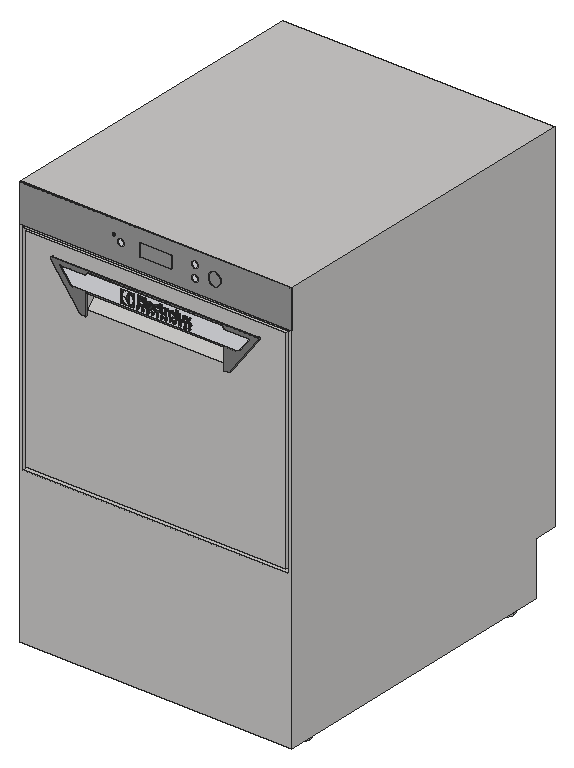
Revit family "QF_ELECTROLUXPROFESSIONAL_402189_ETGWSG1U", category Attrezzature speciali, Revit 2021 (continued)
Automatic sketch dimensions
  Extrusion 10 sketch curve to Extrusion 10 sketch curve = 0.427 mm  (x2)
  Extrusion 10 sketch curve to Extrusion 10 sketch curve = 2.809 mm
  Extrusion 10 sketch curve to plane 8 = 119.648 mm  (x2)
  Extrusion 10 sketch curve to Extrusion 10 sketch curve = 0.99 mm  (x4)
  Extrusion 10 sketch curve to plane 8 = 120.138 mm  (x2)
  Extrusion 10 sketch curve to Extrusion 10 sketch curve = 0.782 mm  (x3)
  Extrusion 10 sketch curve to Extrusion 10 sketch curve = 0.126 mm  (x2)
  Extrusion 10 sketch curve to Extrusion 10 sketch curve = 1.389 mm  (x2)
  Extrusion 10 sketch curve to plane 8 = 111.695 mm
  Extrusion 10 sketch curve to Extrusion 10 sketch curve = 2.039 mm
  Extrusion 10 sketch curve to Extrusion 10 sketch curve = 2.048 mm
  Extrusion 10 sketch curve to Extrusion 10 sketch curve = 2.085 mm
  Extrusion 10 sketch curve to Extrusion 10 sketch curve = 0.724 mm
  Extrusion 10 sketch curve to plane 8 = 113.977 mm
  Extrusion 10 sketch curve to Extrusion 10 sketch curve = 1.046 mm
  Extrusion 10 sketch curve to Extrusion 10 sketch curve = 2.251 mm
  Extrusion 10 sketch curve to Extrusion 10 sketch curve = 0.003 mm
  Extrusion 10 sketch curve to plane 8 = 109.679 mm
  Extrusion 10 sketch curve to Extrusion 10 sketch curve = 2.475 mm
  Extrusion 10 sketch curve to plane 8 = 105.048 mm
  Extrusion 10 sketch curve to Extrusion 10 sketch curve = 4.018 mm
  Extrusion 10 sketch curve to plane 8 = 112.517 mm
  Extrusion 10 sketch curve to Extrusion 10 sketch curve = 1.543 mm
  Extrusion 10 sketch curve to plane 8 = 110.92 mm
  Extrusion 10 sketch curve to Extrusion 10 sketch curve = 1.535 mm  (x2)
  Extrusion 10 sketch curve to plane 8 = 106.646 mm
  Extrusion 10 sketch curve to Extrusion 10 sketch curve = 3.932 mm
  Extrusion 10 sketch curve to Extrusion 10 sketch curve = 0.048 mm
  Extrusion 10 sketch curve to Extrusion 10 sketch curve = 0.138 mm
  Extrusion 10 sketch curve to Extrusion 10 sketch curve = 1.402 mm
  Extrusion 10 sketch curve to Extrusion 10 sketch curve = 0.206 mm  (x2)
  Extrusion 10 sketch curve to Extrusion 10 sketch curve = 2.128 mm
  Extrusion 10 sketch curve to plane 8 = 105.505 mm
  Extrusion 10 sketch curve to Extrusion 10 sketch curve = 2.656 mm  (x2)
  Extrusion 10 sketch curve to plane 8 = 103.243 mm
  Extrusion 10 sketch curve to plane 8 = 112.061 mm
  Extrusion 10 sketch curve to plane 8 = 114.323 mm
  Extrusion 10 sketch curve to plane 8 = 108.783 mm  (x2)
  Extrusion 10 sketch curve to Extrusion 10 sketch curve = 3.216 mm
  Extrusion 10 sketch curve to Extrusion 10 sketch curve = 4.222 mm
  Extrusion 10 sketch curve to Extrusion 10 sketch curve = 0.18 mm
  Extrusion 10 sketch curve to Extrusion 10 sketch curve = 2.469 mm
  Extrusion 10 sketch curve to plane 8 = 108.555 mm
  Extrusion 10 sketch curve to Extrusion 10 sketch curve = 1.28 mm
  Extrusion 10 sketch curve to Extrusion 10 sketch curve = 0.041 mm  (x2)
  Extrusion 10 sketch curve to Extrusion 10 sketch curve = 1.873 mm
  Extrusion 10 sketch curve to plane 8 = 112.414 mm
  Extrusion 10 sketch curve to Extrusion 10 sketch curve = 0.664 mm
  Extrusion 10 sketch curve to plane 8 = 110.961 mm
  Extrusion 10 sketch curve to plane 8 = 107.683 mm
  Extrusion 10 sketch curve to Extrusion 10 sketch curve = 2.531 mm
  Extrusion 10 sketch curve to plane 8 = 112.165 mm
  Extrusion 10 sketch curve to Extrusion 10 sketch curve = 2.822 mm
  Extrusion 10 sketch curve to plane 8 = 114.281 mm
  Extrusion 10 sketch curve to Extrusion 10 sketch curve = 0.083 mm
  Extrusion 10 sketch curve to plane 8 = 103.285 mm
  Extrusion 10 sketch curve to Extrusion 10 sketch curve = 2.635 mm
  Extrusion 10 sketch curve to plane 8 = 105.401 mm
  Extrusion 10 sketch curve to Extrusion 10 sketch curve = 2.946 mm  (x2)
  Extrusion 10 sketch curve to Extrusion 10 sketch curve = 0.062 mm
  Extrusion 10 sketch curve to plane 8 = 108.846 mm
  Extrusion 10 sketch curve to Extrusion 10 sketch curve = 2.511 mm
  Extrusion 10 sketch curve to Extrusion 10 sketch curve = 7.106 mm
  Extrusion 10 sketch curve to Extrusion 10 sketch curve = 6.354 mm
  Extrusion 10 sketch curve to Extrusion 10 sketch curve = 2.478 mm
  Extrusion 10 sketch curve to Extrusion 10 sketch curve = 1.161 mm
  Extrusion 10 sketch curve to plane 8 = 119.3 mm
  Extrusion 10 sketch curve to Extrusion 10 sketch curve = 0.033 mm
  Extrusion 10 sketch curve to Extrusion 10 sketch curve = 0.694 mm
  Extrusion 10 sketch curve to Extrusion 10 sketch curve = 0.106 mm  (x2)
  Extrusion 10 sketch curve to Extrusion 10 sketch curve = 0.021 mm  (x2)
  Extrusion 10 sketch curve to Extrusion 10 sketch curve = 0.09 mm
  Extrusion 10 sketch curve to Extrusion 10 sketch curve = 1.76 mm
  Extrusion 10 sketch curve to plane 8 = 119.634 mm
  Extrusion 10 sketch curve to Extrusion 10 sketch curve = 0.948 mm
  Extrusion 10 sketch curve to Extrusion 10 sketch curve = 1.933 mm
  Extrusion 10 sketch curve to Extrusion 10 sketch curve = 2.318 mm
  Extrusion 10 sketch curve to Extrusion 10 sketch curve = 0.781 mm
  Extrusion 10 sketch curve to Extrusion 10 sketch curve = 0.839 mm
  Extrusion 10 sketch curve to Extrusion 10 sketch curve = 4.563 mm
  Extrusion 10 sketch curve to plane 8 = 114.021 mm
  Extrusion 10 sketch curve to plane 8 = 113.951 mm
  Extrusion 10 sketch curve to Extrusion 10 sketch curve = 0.973 mm
  Extrusion 10 sketch curve to Extrusion 10 sketch curve = 2.047 mm
  Extrusion 10 sketch curve to Extrusion 10 sketch curve = 0.001 mm
  Extrusion 10 sketch curve to Extrusion 10 sketch curve = 2.138 mm
  Extrusion 10 sketch curve to Extrusion 10 sketch curve = 0.853 mm
  Extrusion 10 sketch curve to Extrusion 10 sketch curve = 0.895 mm
  Extrusion 10 sketch curve to Extrusion 10 sketch curve = 2.477 mm
  Extrusion 10 sketch curve to Extrusion 10 sketch curve = 5.807 mm
  Extrusion 10 sketch curve to Extrusion 10 sketch curve = 7.939 mm
  Extrusion 10 sketch curve to Extrusion 10 sketch curve = 1.78 mm
  Extrusion 10 sketch curve to Extrusion 10 sketch curve = 0.215 mm
  Extrusion 10 sketch curve to Extrusion 10 sketch curve = 0.042 mm
  Extrusion 10 sketch curve to Extrusion 10 sketch curve = 6.738 mm
  Extrusion 10 sketch curve to Extrusion 10 sketch curve = 9.216 mm  (x2)
  Extrusion 10 sketch curve to Extrusion 10 sketch curve = 3.22 mm
  Extrusion 10 sketch curve to Extrusion 10 sketch curve = 3.518 mm
  Extrusion 10 sketch curve to Extrusion 10 sketch curve = 54.794 mm
  Extrusion 10 sketch curve to Extrusion 10 sketch curve = 7.314 mm
  Extrusion 10 sketch curve to Extrusion 10 sketch curve = 3.648 mm  (x2)
  Extrusion 10 sketch curve to Extrusion 10 sketch curve = 4.122 mm
  Extrusion 10 sketch curve to Extrusion 10 sketch curve = 3.598 mm  (x2)
  Extrusion 10 sketch curve to Extrusion 10 sketch curve = 1.632 mm
  Extrusion 10 sketch curve to Extrusion 10 sketch curve = 4.176 mm
  Extrusion 10 sketch curve to Extrusion 10 sketch curve = 1.127 mm
  Extrusion 10 sketch curve to Extrusion 10 sketch curve = 0.787 mm
  Extrusion 10 sketch curve to Extrusion 10 sketch curve = 0.856 mm
  Extrusion 10 sketch curve to Extrusion 10 sketch curve = 0.934 mm
  Extrusion 10 sketch curve to Extrusion 10 sketch curve = 0.941 mm  (x3)
  Extrusion 10 sketch curve to Extrusion 10 sketch curve = 1.073 mm
  Extrusion 10 sketch curve to Extrusion 10 sketch curve = 0.537 mm  (x2)
  Extrusion 10 sketch curve to Extrusion 10 sketch curve = 0.25 mm
  Extrusion 10 sketch curve to Extrusion 10 sketch curve = 0.311 mm  (x2)
  Extrusion 10 sketch curve to Extrusion 10 sketch curve = 0.031 mm
  Extrusion 10 sketch curve to Extrusion 10 sketch curve = 1.686 mm
  Extrusion 10 sketch curve to Extrusion 10 sketch curve = 0.082 mm
  Extrusion 10 sketch curve to Extrusion 10 sketch curve = 1.753 mm
  Extrusion 10 sketch curve to Extrusion 10 sketch curve = 0.014 mm  (x2)
  Extrusion 10 sketch curve to Extrusion 10 sketch curve = 0.109 mm  (x2)
  Extrusion 10 sketch curve to Extrusion 10 sketch curve = 0.018 mm  (x2)
  Extrusion 10 sketch curve to Extrusion 10 sketch curve = 2.046 mm
  Extrusion 10 sketch curve to Extrusion 10 sketch curve = 1.021 mm
  Extrusion 10 sketch curve to Extrusion 10 sketch curve = 0.827 mm
  Extrusion 10 sketch curve to Extrusion 10 sketch curve = 4.496 mm
  Extrusion 10 sketch curve to Extrusion 10 sketch curve = 4.443 mm
  Extrusion 10 sketch curve to Extrusion 10 sketch curve = 1.66 mm
  Extrusion 10 sketch curve to Extrusion 10 sketch curve = 0.631 mm  (x2)
  Extrusion 10 sketch curve to Extrusion 10 sketch curve = 1.016 mm
  Extrusion 10 sketch curve to Extrusion 10 sketch curve = 0.313 mm  (x2)
  Extrusion 10 sketch curve to Extrusion 10 sketch curve = 0.94 mm  (x3)
  Extrusion 10 sketch curve to Extrusion 10 sketch curve = 0.163 mm  (x2)
  Extrusion 10 sketch curve to Extrusion 10 sketch curve = 1.847 mm
  Extrusion 10 sketch curve to Extrusion 10 sketch curve = 0.192 mm  (x2)
  Extrusion 10 sketch curve to Extrusion 10 sketch curve = 0.704 mm
  Extrusion 10 sketch curve to Extrusion 10 sketch curve = 0.686 mm
  Extrusion 10 sketch curve to Extrusion 10 sketch curve = 0.002 mm
  Extrusion 10 sketch curve to Extrusion 10 sketch curve = 0.077 mm  (x2)
  Extrusion 10 sketch curve to Extrusion 10 sketch curve = 0.865 mm
  Extrusion 10 sketch curve to Extrusion 10 sketch curve = 1.05 mm
  Extrusion 10 sketch curve to Extrusion 10 sketch curve = 0.337 mm  (x2)
  Extrusion 10 sketch curve to Extrusion 10 sketch curve = 1.955 mm
  Extrusion 10 sketch curve to Extrusion 10 sketch curve = 2.265 mm  (x2)
  Extrusion 10 sketch curve to Extrusion 10 sketch curve = 0.004 mm  (x2)
  Extrusion 10 sketch curve to Extrusion 10 sketch curve = 2.182 mm
  Extrusion 10 sketch curve to Extrusion 10 sketch curve = 2.329 mm
  Extrusion 10 sketch curve to Extrusion 10 sketch curve = 0.132 mm
  Extrusion 10 sketch curve to Extrusion 10 sketch curve = 0.034 mm
  Extrusion 10 sketch curve to Extrusion 10 sketch curve = 4.131 mm
  Extrusion 10 sketch curve to Extrusion 10 sketch curve = 1.129 mm
  Extrusion 10 sketch curve to Extrusion 10 sketch curve = 0.166 mm
  Extrusion 10 sketch curve to Extrusion 10 sketch curve = 0.141 mm
  Extrusion 10 sketch curve to Extrusion 10 sketch curve = 2.155 mm
  Extrusion 10 sketch curve to Extrusion 10 sketch curve = 0.871 mm
  Extrusion 10 sketch curve to Extrusion 10 sketch curve = 2.788 mm
  Extrusion 10 sketch curve to Extrusion 10 sketch curve = 1.833 mm
  Extrusion 10 sketch curve to Extrusion 10 sketch curve = 1.273 mm
  Extrusion 10 sketch curve to Extrusion 10 sketch curve = 2.637 mm
  Extrusion 10 sketch curve to Extrusion 10 sketch curve = 0.103 mm
  Extrusion 10 sketch curve to Extrusion 10 sketch curve = 3.672 mm
  Extrusion 10 sketch curve to Extrusion 10 sketch curve = 2.338 mm
  Extrusion 10 sketch curve to Extrusion 10 sketch curve = 0.6 mm
  Extrusion 10 sketch curve to Extrusion 10 sketch curve = 1.548 mm
  Extrusion 10 sketch curve to Extrusion 10 sketch curve = 2.252 mm
  Extrusion 10 sketch curve to Extrusion 10 sketch curve = 2.396 mm
  Extrusion 10 sketch curve to Extrusion 10 sketch curve = 1.409 mm
  Extrusion 10 sketch curve to Extrusion 10 sketch curve = 3.403 mm
  Extrusion 10 sketch curve to Extrusion 10 sketch curve = 2.331 mm
  Extrusion 10 sketch curve to Extrusion 10 sketch curve = 3.986 mm
  Extrusion 10 sketch curve to Extrusion 10 sketch curve = 3.987 mm
  Extrusion 10 sketch curve to Extrusion 10 sketch curve = 1.246 mm  (x2)
  Extrusion 10 sketch curve to Extrusion 10 sketch curve = 1.098 mm  (x2)
  Extrusion 10 sketch curve to Extrusion 10 sketch curve = 0.822 mm  (x2)
  Extrusion 10 sketch curve to Extrusion 10 sketch curve = 0.263 mm  (x2)
  Extrusion 10 sketch curve to Extrusion 10 sketch curve = 0.49 mm  (x2)
  Extrusion 10 sketch curve to Extrusion 10 sketch curve = 0.278 mm  (x2)
  Extrusion 10 sketch curve to Extrusion 10 sketch curve = 0.257 mm  (x2)
  Extrusion 10 sketch curve to Extrusion 10 sketch curve = 0.125 mm  (x2)
  Extrusion 12 sketch curve to Extrusion 12 sketch curve = 0 mm  (x29)
  Extrusion 12 sketch curve to plane 8 = 114.024 mm  (x3)
  plane 4 "LEFT" to Extrusion 12 sketch curve = 288.569 mm
  Extrusion 12 sketch curve to plane 8 = 103.615 mm  (x2)
  Extrusion 12 sketch curve to Extrusion 12 sketch curve = 0.351 mm
  Extrusion 12 sketch curve to Extrusion 12 sketch curve = 0.877 mm
  Extrusion 12 sketch curve to plane 8 = 105.873 mm
  Extrusion 12 sketch curve to Extrusion 12 sketch curve = 1.658 mm
  Extrusion 12 sketch curve to plane 8 = 110.695 mm
  Extrusion 12 sketch curve to Extrusion 12 sketch curve = 2.381 mm
  Extrusion 12 sketch curve to Extrusion 12 sketch curve = 2.664 mm
  Extrusion 12 sketch curve to Extrusion 12 sketch curve = 1.914 mm
  Extrusion 12 sketch curve to Extrusion 12 sketch curve = 1.048 mm
  Extrusion 12 sketch curve to Extrusion 12 sketch curve = 1.023 mm  (x6)
  Extrusion 12 sketch curve to plane 8 = 108.51 mm
  Extrusion 12 sketch curve to Extrusion 12 sketch curve = 1.563 mm
  Extrusion 12 sketch curve to plane 8 = 110.348 mm
  Extrusion 12 sketch curve to Extrusion 12 sketch curve = 1.364 mm  (x2)
  Extrusion 12 sketch curve to plane 8 = 106.733 mm
  Extrusion 12 sketch curve to plane 8 = 108.53 mm
  Extrusion 12 sketch curve to Extrusion 12 sketch curve = 1.363 mm
  Extrusion 12 sketch curve to Extrusion 12 sketch curve = 2.272 mm
  Extrusion 12 sketch curve to plane 8 = 121.266 mm  (x3)
  Extrusion 12 sketch curve to Extrusion 12 sketch curve = 4.059 mm
  Extrusion 12 sketch curve to Extrusion 12 sketch curve = 2.643 mm
  Extrusion 12 sketch curve to plane 8 = 105.721 mm
  Extrusion 12 sketch curve to Extrusion 12 sketch curve = 1.145 mm
  Extrusion 12 sketch curve to plane 8 = 111.528 mm
  Extrusion 12 sketch curve to Extrusion 12 sketch curve = 0.872 mm
  Extrusion 12 sketch curve to Extrusion 12 sketch curve = 1.1 mm
  Extrusion 12 sketch curve to Extrusion 12 sketch curve = 0.485 mm  (x2)
  Extrusion 12 sketch curve to Extrusion 12 sketch curve = 0.459 mm  (x4)
  Extrusion 12 sketch curve to Extrusion 12 sketch curve = 1.54 mm
  Extrusion 12 sketch curve to plane 8 = 116.289 mm
  Extrusion 12 sketch curve to Extrusion 12 sketch curve = 0.461 mm  (x2)
  Extrusion 12 sketch curve to plane 8 = 118.15 mm
  Extrusion 12 sketch curve to Extrusion 12 sketch curve = 0.238 mm
  Extrusion 12 sketch curve to plane 8 = 119.171 mm
  Extrusion 12 sketch curve to Extrusion 12 sketch curve = 0.922 mm
  Extrusion 12 sketch curve to plane 8 = 109.831 mm
  Extrusion 12 sketch curve to Extrusion 12 sketch curve = 2.935 mm
  Extrusion 12 sketch curve to Extrusion 12 sketch curve = 1.099 mm
  Extrusion 12 sketch curve to Extrusion 12 sketch curve = 2.498 mm
  Extrusion 12 sketch curve to plane 8 = 112.021 mm
  Extrusion 12 sketch curve to Extrusion 12 sketch curve = 2.273 mm
  Extrusion 12 sketch curve to plane 8 = 114.293 mm
  Extrusion 12 sketch curve to Extrusion 12 sketch curve = 0.02 mm
  Extrusion 12 sketch curve to Extrusion 12 sketch curve = 0.393 mm  (x3)
  Extrusion 12 sketch curve to Extrusion 12 sketch curve = 0.995 mm
  Extrusion 12 sketch curve to plane 8 = 119.513 mm
  Extrusion 12 sketch curve to Extrusion 12 sketch curve = 0.039 mm  (x2)
  Extrusion 12 sketch curve to Extrusion 12 sketch curve = 4.544 mm
  Extrusion 12 sketch curve to plane 8 = 118.137 mm
  Extrusion 12 sketch curve to Extrusion 12 sketch curve = 2.238 mm
  Extrusion 12 sketch curve to Extrusion 12 sketch curve = 1.034 mm
  Extrusion 12 sketch curve to Extrusion 12 sketch curve = 2.499 mm
  Extrusion 12 sketch curve to Extrusion 12 sketch curve = 1.948 mm
  Extrusion 12 sketch curve to Extrusion 12 sketch curve = 2.48 mm
  Extrusion 12 sketch curve to plane 8 = 108.819 mm  (x4)
  Extrusion 12 sketch curve to Extrusion 12 sketch curve = 1.524 mm
  Extrusion 12 sketch curve to Extrusion 12 sketch curve = 2.438 mm
  Extrusion 12 sketch curve to Extrusion 12 sketch curve = 2.458 mm  (x2)
  Extrusion 12 sketch curve to plane 8 = 105.556 mm
  Extrusion 12 sketch curve to Extrusion 12 sketch curve = 3.221 mm  (x2)
  Extrusion 12 sketch curve to plane 8 = 114.334 mm
  Extrusion 12 sketch curve to plane 8 = 112.083 mm
  Extrusion 12 sketch curve to plane 8 = 103.305 mm
  Extrusion 12 sketch curve to Extrusion 12 sketch curve = 2.133 mm
  Extrusion 12 sketch curve to Extrusion 12 sketch curve = 3.222 mm
  Extrusion 12 sketch curve to Extrusion 12 sketch curve = 2.459 mm
  Extrusion 12 sketch curve to Extrusion 12 sketch curve = 0.379 mm
  Extrusion 12 sketch curve to plane 8 = 105.762 mm
  Extrusion 12 sketch curve to Extrusion 12 sketch curve = 1.033 mm
  Extrusion 12 sketch curve to plane 8 = 117.09 mm  (x2)
  Extrusion 12 sketch curve to Extrusion 12 sketch curve = 4.456 mm
  Extrusion 12 sketch curve to plane 8 = 117.595 mm  (x2)
  Extrusion 12 sketch curve to Extrusion 12 sketch curve = 0.735 mm  (x2)
  Extrusion 12 sketch curve to Extrusion 12 sketch curve = 0.432 mm  (x2)
  Extrusion 12 sketch curve to Extrusion 12 sketch curve = 0.445 mm  (x2)
  Extrusion 12 sketch curve to Extrusion 12 sketch curve = 0.209 mm  (x2)
  Extrusion 12 sketch curve to Extrusion 12 sketch curve = 0.236 mm  (x2)
  Extrusion 12 sketch curve to Extrusion 12 sketch curve = 0.12 mm  (x2)
  Extrusion 12 sketch curve to Extrusion 12 sketch curve = 0.365 mm  (x2)
  Extrusion 12 sketch curve to Extrusion 12 sketch curve = 0.007 mm  (x2)
  Extrusion 12 sketch curve to Extrusion 12 sketch curve = 0.164 mm  (x4)
  Extrusion 12 sketch curve to Extrusion 12 sketch curve = 0.093 mm  (x2)
  Extrusion 12 sketch curve to Extrusion 12 sketch curve = 0.137 mm  (x2)
  Extrusion 12 sketch curve to Extrusion 12 sketch curve = 0.009 mm  (x5)
  Extrusion 12 sketch curve to Extrusion 12 sketch curve = 0.168 mm  (x2)
  Extrusion 12 sketch curve to Extrusion 12 sketch curve = 0.079 mm  (x2)
  Extrusion 12 sketch curve to Extrusion 12 sketch curve = 0.094 mm  (x2)
  Extrusion 12 sketch curve to Extrusion 12 sketch curve = 0.427 mm  (x2)
  Extrusion 12 sketch curve to Extrusion 12 sketch curve = 0.886 mm
  Extrusion 12 sketch curve to Extrusion 12 sketch curve = 2.809 mm
  Extrusion 12 sketch curve to plane 8 = 119.648 mm  (x2)
  Extrusion 12 sketch curve to Extrusion 12 sketch curve = 0.99 mm  (x4)
  Extrusion 12 sketch curve to plane 8 = 120.138 mm  (x2)
  Extrusion 12 sketch curve to Extrusion 12 sketch curve = 0.782 mm  (x3)
  Extrusion 12 sketch curve to Extrusion 12 sketch curve = 0.126 mm  (x2)
  Extrusion 12 sketch curve to Extrusion 12 sketch curve = 1.389 mm  (x2)
  Extrusion 12 sketch curve to plane 8 = 111.695 mm
  Extrusion 12 sketch curve to Extrusion 12 sketch curve = 2.039 mm
  Extrusion 12 sketch curve to Extrusion 12 sketch curve = 2.048 mm
  Extrusion 12 sketch curve to Extrusion 12 sketch curve = 2.085 mm
  Extrusion 12 sketch curve to Extrusion 12 sketch curve = 0.724 mm
  Extrusion 12 sketch curve to plane 8 = 113.977 mm
  Extrusion 12 sketch curve to Extrusion 12 sketch curve = 1.046 mm
  Extrusion 12 sketch curve to Extrusion 12 sketch curve = 2.251 mm
  Extrusion 12 sketch curve to Extrusion 12 sketch curve = 2.301 mm
  Extrusion 12 sketch curve to plane 8 = 109.679 mm
  Extrusion 12 sketch curve to Extrusion 12 sketch curve = 2.475 mm
  Extrusion 12 sketch curve to plane 8 = 105.048 mm
  Extrusion 12 sketch curve to Extrusion 12 sketch curve = 4.018 mm
  Extrusion 12 sketch curve to plane 8 = 112.517 mm
  Extrusion 12 sketch curve to Extrusion 12 sketch curve = 1.543 mm
  Extrusion 12 sketch curve to plane 8 = 110.92 mm
  Extrusion 12 sketch curve to Extrusion 12 sketch curve = 1.535 mm  (x2)
  Extrusion 12 sketch curve to plane 8 = 106.646 mm
  Extrusion 12 sketch curve to Extrusion 12 sketch curve = 3.932 mm
  Extrusion 12 sketch curve to Extrusion 12 sketch curve = 0.048 mm
  Extrusion 12 sketch curve to Extrusion 12 sketch curve = 0.187 mm
  Extrusion 12 sketch curve to Extrusion 12 sketch curve = 1.402 mm
  Extrusion 12 sketch curve to Extrusion 12 sketch curve = 0.206 mm  (x2)
  Extrusion 12 sketch curve to Extrusion 12 sketch curve = 0.569 mm
  Extrusion 12 sketch curve to plane 8 = 105.505 mm
  Extrusion 12 sketch curve to Extrusion 12 sketch curve = 2.656 mm  (x2)
  Extrusion 12 sketch curve to plane 8 = 103.243 mm
  Extrusion 12 sketch curve to plane 8 = 112.061 mm
  Extrusion 12 sketch curve to plane 8 = 114.323 mm
  Extrusion 12 sketch curve to plane 8 = 108.783 mm  (x2)
  Extrusion 12 sketch curve to Extrusion 12 sketch curve = 3.216 mm
  Extrusion 12 sketch curve to Extrusion 12 sketch curve = 4.222 mm
  Extrusion 12 sketch curve to Extrusion 12 sketch curve = 0.18 mm
  Extrusion 12 sketch curve to Extrusion 12 sketch curve = 2.469 mm
  Extrusion 12 sketch curve to plane 8 = 108.555 mm
  Extrusion 12 sketch curve to Extrusion 12 sketch curve = 1.28 mm
  Extrusion 12 sketch curve to plane 8 = 109.426 mm
  Extrusion 12 sketch curve to Extrusion 12 sketch curve = 0.041 mm  (x2)
  Extrusion 12 sketch curve to Extrusion 12 sketch curve = 1.873 mm
  Extrusion 12 sketch curve to plane 8 = 112.414 mm
  Extrusion 12 sketch curve to Extrusion 12 sketch curve = 0.664 mm
  Extrusion 12 sketch curve to plane 8 = 110.961 mm
  Extrusion 12 sketch curve to Extrusion 12 sketch curve = 1.494 mm
  Extrusion 12 sketch curve to plane 8 = 107.683 mm
  Extrusion 12 sketch curve to Extrusion 12 sketch curve = 2.531 mm
  Extrusion 12 sketch curve to plane 8 = 112.165 mm
  Extrusion 12 sketch curve to Extrusion 12 sketch curve = 2.822 mm
  Extrusion 12 sketch curve to plane 8 = 114.281 mm
  Extrusion 12 sketch curve to Extrusion 12 sketch curve = 0.083 mm
  Extrusion 12 sketch curve to plane 8 = 105.401 mm
  Extrusion 12 sketch curve to Extrusion 12 sketch curve = 2.635 mm
  Extrusion 12 sketch curve to plane 8 = 103.285 mm
  Extrusion 12 sketch curve to Extrusion 12 sketch curve = 2.946 mm  (x2)
  Extrusion 12 sketch curve to Extrusion 12 sketch curve = 0.062 mm
  Extrusion 12 sketch curve to plane 8 = 108.846 mm
  Extrusion 12 sketch curve to Extrusion 12 sketch curve = 2.511 mm
  Extrusion 12 sketch curve to Extrusion 12 sketch curve = 7.106 mm
  Extrusion 12 sketch curve to Extrusion 12 sketch curve = 6.354 mm
  Extrusion 12 sketch curve to Extrusion 12 sketch curve = 2.478 mm  (x2)
  Extrusion 12 sketch curve to Extrusion 12 sketch curve = 1.161 mm
  Extrusion 12 sketch curve to plane 8 = 119.3 mm
  Extrusion 12 sketch curve to Extrusion 12 sketch curve = 0.033 mm
  Extrusion 12 sketch curve to Extrusion 12 sketch curve = 0.694 mm
  Extrusion 12 sketch curve to Extrusion 12 sketch curve = 0.106 mm
  Extrusion 12 sketch curve to Extrusion 12 sketch curve = 0.021 mm  (x2)
  Extrusion 12 sketch curve to Extrusion 12 sketch curve = 0.09 mm
  Extrusion 12 sketch curve to Extrusion 12 sketch curve = 1.76 mm
  Extrusion 12 sketch curve to plane 8 = 119.634 mm
  Extrusion 12 sketch curve to Extrusion 12 sketch curve = 0.948 mm
  Extrusion 12 sketch curve to Extrusion 12 sketch curve = 1.933 mm
  Extrusion 12 sketch curve to Extrusion 12 sketch curve = 2.318 mm
  Extrusion 12 sketch curve to Extrusion 12 sketch curve = 0.908 mm
  Extrusion 12 sketch curve to plane 8 = 119.552 mm
  Extrusion 12 sketch curve to Extrusion 12 sketch curve = 0.781 mm
  Extrusion 12 sketch curve to Extrusion 12 sketch curve = 4.563 mm
  Extrusion 12 sketch curve to plane 8 = 113.951 mm
  Extrusion 12 sketch curve to Extrusion 12 sketch curve = 0.973 mm
  Extrusion 12 sketch curve to plane 8 = 109.537 mm
  Extrusion 12 sketch curve to Extrusion 12 sketch curve = 2.047 mm
  Extrusion 12 sketch curve to Extrusion 12 sketch curve = 0.001 mm
  Extrusion 12 sketch curve to Extrusion 12 sketch curve = 2.138 mm
  Extrusion 12 sketch curve to Extrusion 12 sketch curve = 0.895 mm
  Extrusion 12 sketch curve to Extrusion 12 sketch curve = 0.853 mm
  Extrusion 12 sketch curve to plane 8 = 109.431 mm
  Extrusion 12 sketch curve to Extrusion 12 sketch curve = 5.283 mm
  Extrusion 12 sketch curve to Extrusion 12 sketch curve = 7.939 mm
  Extrusion 12 sketch curve to Extrusion 12 sketch curve = 1.78 mm
  Extrusion 12 sketch curve to Extrusion 12 sketch curve = 0.215 mm
  Extrusion 12 sketch curve to Extrusion 12 sketch curve = 0.042 mm
  Extrusion 12 sketch curve to Extrusion 12 sketch curve = 6.738 mm
  Extrusion 12 sketch curve to Extrusion 12 sketch curve = 9.216 mm  (x2)
  Extrusion 12 sketch curve to Extrusion 12 sketch curve = 3.22 mm
  Extrusion 12 sketch curve to Extrusion 12 sketch curve = 3.518 mm
  Extrusion 12 sketch curve to Extrusion 12 sketch curve = 7.314 mm
  Extrusion 12 sketch curve to Extrusion 12 sketch curve = 1.714 mm
  Extrusion 12 sketch curve to Extrusion 12 sketch curve = 3.648 mm  (x2)
  Extrusion 12 sketch curve to Extrusion 12 sketch curve = 3.598 mm  (x2)
  Extrusion 12 sketch curve to Extrusion 12 sketch curve = 4.176 mm
  Extrusion 12 sketch curve to Extrusion 12 sketch curve = 1.127 mm
  Extrusion 12 sketch curve to Extrusion 12 sketch curve = 3.129 mm
  Extrusion 12 sketch curve to Extrusion 12 sketch curve = 1.753 mm
  Extrusion 12 sketch curve to Extrusion 12 sketch curve = 0.787 mm
  Extrusion 12 sketch curve to Extrusion 12 sketch curve = 0.856 mm
  Extrusion 12 sketch curve to Extrusion 12 sketch curve = 0.934 mm
  Extrusion 12 sketch curve to Extrusion 12 sketch curve = 0.941 mm  (x3)
  Extrusion 12 sketch curve to Extrusion 12 sketch curve = 1.021 mm
  Extrusion 12 sketch curve to Extrusion 12 sketch curve = 0.537 mm  (x2)
  Extrusion 12 sketch curve to Extrusion 12 sketch curve = 0.25 mm
  Extrusion 12 sketch curve to Extrusion 12 sketch curve = 0.311 mm  (x2)
  Extrusion 12 sketch curve to Extrusion 12 sketch curve = 0.031 mm
  Extrusion 12 sketch curve to Extrusion 12 sketch curve = 1.686 mm
  Extrusion 12 sketch curve to Extrusion 12 sketch curve = 0.014 mm  (x2)
  Extrusion 12 sketch curve to Extrusion 12 sketch curve = 0.109 mm  (x2)
  Extrusion 12 sketch curve to Extrusion 12 sketch curve = 0.018 mm  (x2)
  Extrusion 12 sketch curve to Extrusion 12 sketch curve = 2.046 mm
  Extrusion 12 sketch curve to Extrusion 12 sketch curve = 0.827 mm
  Extrusion 12 sketch curve to Extrusion 12 sketch curve = 4.496 mm
  Extrusion 12 sketch curve to Extrusion 12 sketch curve = 4.443 mm
  Extrusion 12 sketch curve to Extrusion 12 sketch curve = 1.66 mm
  Extrusion 12 sketch curve to Extrusion 12 sketch curve = 0.631 mm  (x2)
  Extrusion 12 sketch curve to Extrusion 12 sketch curve = 1.016 mm
  Extrusion 12 sketch curve to Extrusion 12 sketch curve = 0.313 mm  (x2)
  Extrusion 12 sketch curve to Extrusion 12 sketch curve = 0.94 mm  (x3)
  Extrusion 12 sketch curve to Extrusion 12 sketch curve = 0.163 mm  (x2)
  Extrusion 12 sketch curve to Extrusion 12 sketch curve = 0.192 mm  (x2)
  Extrusion 12 sketch curve to Extrusion 12 sketch curve = 0.704 mm
  Extrusion 12 sketch curve to Extrusion 12 sketch curve = 0.686 mm
  Extrusion 12 sketch curve to Extrusion 12 sketch curve = 0.002 mm
  Extrusion 12 sketch curve to Extrusion 12 sketch curve = 0.077 mm  (x2)
  Extrusion 12 sketch curve to Extrusion 12 sketch curve = 0.865 mm
  Extrusion 12 sketch curve to Extrusion 12 sketch curve = 1.05 mm
  Extrusion 12 sketch curve to Extrusion 12 sketch curve = 0.337 mm  (x2)
  Extrusion 12 sketch curve to Extrusion 12 sketch curve = 2.265 mm  (x2)
  Extrusion 12 sketch curve to Extrusion 12 sketch curve = 1.996 mm
  Extrusion 12 sketch curve to Extrusion 12 sketch curve = 1.955 mm
  Extrusion 12 sketch curve to Extrusion 12 sketch curve = 1.847 mm
  Extrusion 12 sketch curve to Extrusion 12 sketch curve = 3.869 mm
  Extrusion 12 sketch curve to Extrusion 12 sketch curve = 0.004 mm  (x2)
  Extrusion 12 sketch curve to Extrusion 12 sketch curve = 2.329 mm
  Extrusion 12 sketch curve to Extrusion 12 sketch curve = 0.132 mm
  Extrusion 12 sketch curve to Extrusion 12 sketch curve = 0.034 mm
  Extrusion 12 sketch curve to Extrusion 12 sketch curve = 4.131 mm
  Extrusion 12 sketch curve to Extrusion 12 sketch curve = 1.129 mm
  Extrusion 12 sketch curve to Extrusion 12 sketch curve = 0.166 mm
  Extrusion 12 sketch curve to Extrusion 12 sketch curve = 0.141 mm
  Extrusion 12 sketch curve to Extrusion 12 sketch curve = 2.788 mm
  Extrusion 12 sketch curve to Extrusion 12 sketch curve = 1.833 mm
  Extrusion 12 sketch curve to Extrusion 12 sketch curve = 1.273 mm
  Extrusion 12 sketch curve to Extrusion 12 sketch curve = 2.637 mm
  Extrusion 12 sketch curve to Extrusion 12 sketch curve = 0.103 mm
  Extrusion 12 sketch curve to Extrusion 12 sketch curve = 3.672 mm
  Extrusion 12 sketch curve to Extrusion 12 sketch curve = 2.338 mm
  Extrusion 12 sketch curve to Extrusion 12 sketch curve = 0.6 mm
  Extrusion 12 sketch curve to Extrusion 12 sketch curve = 1.548 mm
  Extrusion 12 sketch curve to Extrusion 12 sketch curve = 6.073 mm
  Extrusion 12 sketch curve to Extrusion 12 sketch curve = 2.252 mm
  Extrusion 12 sketch curve to Extrusion 12 sketch curve = 2.396 mm
  Extrusion 12 sketch curve to Extrusion 12 sketch curve = 1.409 mm
  Extrusion 12 sketch curve to Extrusion 12 sketch curve = 3.403 mm
  Extrusion 12 sketch curve to Extrusion 12 sketch curve = 0.89 mm
  Extrusion 12 sketch curve to Extrusion 12 sketch curve = 2.331 mm
  Extrusion 12 sketch curve to Extrusion 12 sketch curve = 3.986 mm
  Extrusion 12 sketch curve to Extrusion 12 sketch curve = 3.987 mm
  Extrusion 12 sketch curve to Extrusion 12 sketch curve = 1.246 mm  (x2)
  Extrusion 12 sketch curve to Extrusion 12 sketch curve = 1.098 mm  (x2)
  Extrusion 12 sketch curve to Extrusion 12 sketch curve = 0.822 mm  (x2)
  Extrusion 12 sketch curve to Extrusion 12 sketch curve = 0.263 mm  (x2)
  Extrusion 12 sketch curve to Extrusion 12 sketch curve = 0.49 mm  (x2)
  Extrusion 12 sketch curve to Extrusion 12 sketch curve = 0.278 mm  (x2)
  Extrusion 12 sketch curve to Extrusion 12 sketch curve = 0.257 mm  (x2)
  Extrusion 12 sketch curve to Extrusion 12 sketch curve = 0.125 mm  (x2)
  Extrusion 13 sketch curve to plane 8 = 0 mm
  Extrusion 13 sketch curve to plane 4 "LEFT" = 0 mm
  Extrusion 13 sketch curve to plane 5 "RIGHT" = 0 mm
  Extrusion 13 sketch curve to plane 8 = 64.303 mm
  Extrusion 14 sketch curve to plane 6 "FRONT" = 0 mm
  plane 11 "2" to Extrusion 14 sketch curve = 19.494 mm
  Extrusion 14 sketch curve to plane 8 = 132.753 mm
  Extrusion 14 sketch curve to Extrusion 14 sketch curve = 40 mm
  Extrusion 14 sketch curve to Extrusion 14 sketch curve = 20.494 mm
  Extrusion 1 sketch curve to plane 10 = 0 mm
  Extrusion 2 sketch curve to plane 10 = 0 mm
  plane 4 "LEFT" to Extrusion 3 sketch curve = 19.5 mm  (x2)
  Extrusion 3 sketch curve to plane 5 "RIGHT" = 19.5 mm  (x2)
  plane 11 "2" to Extrusion 3 sketch curve = 46 mm  (x2)
  Extrusion 3 sketch curve to plane 10 = 38 mm  (x2)
  Extrusion 4 sketch curve to Extrusion 1 = 5 mm  (x2)
  Extrusion 4 sketch curve to Extrusion 1 = 260 mm
  Extrusion 4 sketch curve to Extrusion 1 = 65.855 mm
  Extrusion 8 sketch curve to plane 6 "FRONT" = 0 mm
  plane 11 "2" to Extrusion 8 sketch curve = 26.448 mm
  plane 9 to Extrusion 8 sketch curve = 265 mm
  Extrusion 8 sketch curve to plane 8 = 70.9 mm
  Extrusion 11 sketch curve to plane 6 "FRONT" = 0 mm
  plane 11 "2" to Extrusion 11 sketch curve = 28.894 mm
  plane 9 to Extrusion 11 sketch curve = 265 mm
  Extrusion 11 sketch curve to Extrusion 11 sketch curve = 407.138 mm
  Extrusion 11 sketch curve to Extrusion 11 sketch curve = 91.839 mm
  curve 3 to plane 4 "LEFT" = 0 mm
  curve 9 to plane 6 "FRONT" = 0 mm
  curve 7 to plane 6 "FRONT" = 0 mm
  curve 1 to plane 5 "RIGHT" = 0 mm
  curve 2 to plane 7 "BACK" = 0 mm
  curve 2 to curve 9 = 5 mm
  plane 4 "LEFT" to curve 7 = 10 mm
  plane 11 "2" to curve 13 = 19.494 mm
  curve 7 to curve 13 = 102.5 mm
  curve 12 to plane 5 "RIGHT" = 112.5 mm
  curve 5 to plane 5 "RIGHT" = 10 mm
  curve 11 to plane 5 "RIGHT" = 5 mm
  plane 11 "2" to curve 11 = 29 mm
  radius of Extrusion 5 sketch curve = 10 mm
  radius of Extrusion 6 sketch curve = 8 mm
  radius of Extrusion 7 sketch curve = 8 mm
  radius of Extrusion 10 sketch curve = 2.585 mm  (x2)
  radius of Extrusion 10 sketch curve = 1.64 mm
  radius of Extrusion 10 sketch curve = 1.548 mm
  radius of Extrusion 12 sketch curve = 2.585 mm  (x2)
  radius of Extrusion 12 sketch curve = 1.64 mm
  radius of Extrusion 12 sketch curve = 1.548 mm
  radius of Extrusion 3 sketch curve = 12.5 mm  (x4)
Nested families
  nested 1: "GW_ControlPanel" at (-0.368, -274.5, 667.849), type "GW_ControlPanel"
Connectors
  piping at (3.5, 275, 59), diameter 29, driven by "Direct Waste Size"
    settings: on Extrusion 5, index 1, connector inside diameter 609.6 mm, connector length 0 mm, flow factor 0, pipe flow 0.0 L/s, pressure drop 0.0 Pa, fitting loss kfactor 0, connector angle 0.00°, fixture units 0, engagement length 0 mm, angle of deflection 0.00°, flow configuration 1, flow direction 1, fitting loss method 0, system type 16, joint type 0, gender type 0, connector reference index -1, connector utility 0, adjustable connector no, is connector primary yes, connector description "Drain"
  piping at (-107.5, 275, 59), diameter 19.05, driven by "Cold Water Size"
    settings: on Extrusion 6, index 3, connector inside diameter 609.6 mm, connector length 0 mm, flow factor 0, pipe flow 0.0 L/s, pressure drop 0.0 Pa, fitting loss kfactor 0, connector angle 0.00°, fixture units 0, engagement length 0 mm, angle of deflection 0.00°, flow configuration 1, flow direction 1, fitting loss method 0, system type 20, joint type 0, gender type 0, connector reference index -1, connector utility 0, adjustable connector no, is connector primary no, connector description "Cold Water Inlet"
  electrical at (-37.5, 275, 19.5), driven by "Volts"
    settings: on Extrusion 7, index 4, voltage 220 V, apparent load 0 VA, apparent load phase1 0 VA, apparent load phase2 0 VA, apparent load phase3 0 VA, power factor 1, load classification "Altro", number of poles 1, system type 31, power factor state 1, is connector primary yes, connector utility no, sub classification motor no, connector description "Electrical Connection"
Definition of nested family "GW_ControlPanel"
  Parameters (values of type "GW_ControlPanel")
    Default Elevation = 0 mm
  Reference planes
    plane 1 "Center (Front/Back)": y = 0
    plane 2: z = 0
    plane 3 "Center (Left/Right)": x = 0
  Forms (mm)
    Extrusion 1, solid
      sketch origin (1.418, 0.5, 0) x (1, 0, 0) y (0, 0, 1)
        loop
          line (-228.55, 32.151) -> (-228.55, -32.151) -> (226.45, -32.151) -> (226.45, 32.151) -> (-228.55, 32.151)
      from 0 to 1
    Extrusion 2, void
      sketch origin (0.368, 0.5, 0) x (1, 0, 0) y (0, 0, 1)
        loop
          circle (-70.471, 8.3) r 2
      from 0 to 1
    Extrusion 3, void
      sketch origin (0.368, 0.5, 0) x (1, 0, 0) y (0, 0, 1)
        loop
          circle (98.35, 0) r 10.499
      from 0 to 1
    Extrusion 4, void
      sketch origin (0.368, 0.5, 0) x (1, 0, 0) y (0, 0, 1)
        loop
          line (25.514, 10.5) -> (-25.514, 10.5)
          arc (-25.514, 10.5) -> (-26.207, 10.207) -> (-26.501, 9.514) r 1.001
          line (-26.501, 9.514) -> (-26.501, -9.514)
          arc (-26.501, -9.514) -> (-26.207, -10.207) -> (-25.514, -10.5) r 1.001
          line (-25.514, -10.5) -> (25.514, -10.5)
          arc (25.514, -10.5) -> (26.207, -10.206) -> (26.499, -9.513) r 1.001
          line (26.499, -9.513) -> (26.499, 9.513)
          arc (26.499, 9.513) -> (26.207, 10.206) -> (25.514, 10.5) r 1.001
      from 0 to 1
    Extrusion 5, void
      sketch origin (0.368, 0.5, 0) x (1, 0, 0) y (0, 0, 1)
        loop
          circle (-58.501, 0) r 5
      from 0 to 1
    Extrusion 6, solid
      sketch origin (0.368, 0.5, 0) x (1, 0, 0) y (0, 0, 1)
        loop
          circle (-58.501, 0) r 5
      from 0 to 1
    Extrusion 7, solid
      sketch origin (0.368, 0.5, 0) x (1, 0, 0) y (0, 0, 1)
        loop
          circle (-70.471, 8.3) r 2
      from 0 to 1
    Extrusion 8, solid
      sketch origin (0.368, 0.5, 0) x (1, 0, 0) y (0, 0.000001, 1)
        loop
          circle (98.35, 0) r 10.499
      from 0 to 1
    Extrusion 9, void
      sketch origin (0.368, 0.5, 0) x (1, 0, 0) y (0, 0, 1)
        loop
          circle (65.501, 10.339) r 5
        loop
          circle (65.501, -10.339) r 5
      from 0 to 1
    Extrusion 10, solid
      sketch origin (0.368, 0.5, 0) x (1, 0, 0) y (0, 0.000001, 1)
        loop
          circle (65.501, 10.339) r 5
        loop
          circle (65.501, -10.339) r 5
      from 0 to 1
    Extrusion 11, solid
      sketch origin (0.368, 0.5, 0) x (1, 0, 0) y (0, 0, 1)
        loop
          line (25.514, 10.5) -> (-25.514, 10.5)
          arc (-25.514, 10.5) -> (-26.207, 10.207) -> (-26.501, 9.514) r 1.001
          line (-26.501, 9.514) -> (-26.501, -9.514)
          arc (-26.501, -9.514) -> (-26.207, -10.207) -> (-25.514, -10.5) r 1.001
          line (-25.514, -10.5) -> (25.514, -10.5)
          arc (25.514, -10.5) -> (26.207, -10.206) -> (26.499, -9.513) r 1.001
          line (26.499, -9.513) -> (26.499, 9.513)
          arc (26.499, 9.513) -> (26.207, 10.206) -> (25.514, 10.5) r 1.001
      from 0 to 1
  Cuts and joins
    Extrusion 2, Extrusion 3, Extrusion 4, Extrusion 5, Extrusion 9 cuts Extrusion 1
  Dimensions and locks
    aligned and locked: level to plane 2
